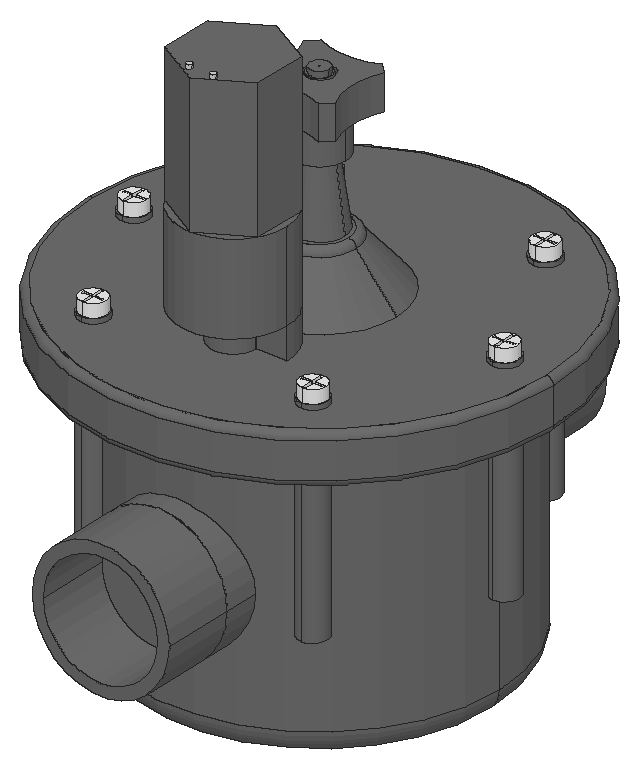
Revit family "Valve - PEB Series - 150PEB", category Acessórios do tubo, Revit 2020
Family settings
  Cota do conector redondo = Utilizar diâmetro
  Tipo de parte = Normal
  Número OmniClass = 23.60.30.11.14
  Título OmniClass = Pipework Fittings
  Com base no plano de trabalho = Não
  Sempre na vertical = Sim
  Corte com vazios quando carregada = Não
  Compartilhado = Não
Parameters (values of type "150PEB-R")
  a [instance] = 1.27 cm
  URL = "https://www.rainbird.com/"
  SupportProjetos: Reviw Date = "10/11/2020"  # constant formula
  SupportProjetos: Reviw = "R01"  # constant formula
  SupportProjetos: Level of Detail = "LOD300"  # constant formula
  SupportProjetos: Developed = "MICHEL SOARES MOTA"  # constant formula
  SupportProjetos: Creation Date = "27/08/2020"  # constant formula
  RainBird: Product Link = "https://www.rainbird.com/"
  RainBird: Description = "Valves - PEB Series - 150PEB-R"
  RainBird: Comment = ""
  RainBird: Code = "B34083"  # constant formula
  RN [instance] = DN / 2  # 1.905 cm
  Modelo = "150PEB-R"
  Material Parafuso = Aço cromado
  Material = PVC-U
  Elevação padrão = 0 cm
  Diametro corpo [instance] = 6 cm
  Diametro Tubo = 3.81 cm
  Det1 [instance] = 2 cm
  Descrição = RainBird: Description  # "Valves - PEB Series - 150PEB-R"
  DN [instance] = 3.81 cm
  Caminho croqui = 11.2 cm
  Anotação Válvula = yes
Types (4, lengths in cm): name | RainBird: Description | Modelo | Descrição
  (no name) | "Valves - PEB Series - 150PEB-R" | "150PEB-R" | "Valves - PEB Series - 150PEB-R"
  150PEB | "Valves - PEB Series - 150PEB" | "150PEB" | "Valves - PEB Series - 150PEB"
  150PESB | "Valves - PEB Series - 150PESB" | "150PESB" | "Valves - PEB Series - 150PESB"
  150PEB-R | "Valves - PEB Series - 150PEB-R" | "150PEB-R" | "Valves - PEB Series - 150PEB-R"
Reference planes (cm)
  plane 1 "Centro (Frente/Trás)": y = 0
  plane 2: z = 0
  plane 3 "Centro (Esquerda/Direita)": x = 0
Forms (cm)
  Sweep 1, solid, material "PVC-U" <- "Material"
    path origin (0, 0, 0) x (1, 0, 0) y (0, 1, 0)
      loop
        circle (0, 0) r 3
    profile origin (0, 3, 0) x (0, -1, 0) y (0, 0, 1)
      loop
        arc (-3.3167, 4.98) -> (-3.4581, 4.9214) -> (-3.5167, 4.78) r 0.2
        line (-3.5167, 4.78) -> (-3.5167, 3.7881)
        arc (-3.5167, 3.7881) -> (-3.4659, 3.6654) -> (-3.3431, 3.6146) r 0.1736
        line (-3.3431, 3.6146) -> (-2.0167, 3.6146) -> (-2.0167, -3.3151)
        arc (-2.0167, -3.3151) -> (-1.8102, -3.8135) -> (-1.3118, -4.02) r 0.7049
        line (-1.3118, -4.02) -> (2.9833, -4.02) -> (2.9833, 10.48) -> (2.7355, 10.48) -> (2.7355, 8.48) -> (2.5811, 8.48) -> (2.3, 6.48) -> (2.1864, 6.48)
        arc (2.1864, 6.48) -> (2.0425, 6.4204) -> (1.9829, 6.2765) r 0.2035
        line (1.9829, 6.2765) -> (0.8559, 4.98) -> (-3.3167, 4.98)
  Extrusion 2, solid, material "PVC-U" <- "Material"
    sketch origin (0, 0, 0) x (0, 1, 0) y (-1, 0, 0)
      loop
        circle (0, -5.1645) r 0.4
      loop
        circle (-4.0487, -3.0594) r 0.4
      loop
        circle (4.0487, -3.0594) r 0.4
      loop
        circle (0, 5.1645) r 0.4
      loop
        circle (-4.0487, 3.0594) r 0.4
      loop
        circle (4.0487, 3.0594) r 0.4
    from -0.8456 to 5.0941
  Extrusion 3, solid, material "Aço cromado" <- "Material Parafuso"
    sketch origin (0, 0, 0) x (0, 1, 0) y (-1, 0, 0)
      loop
        circle (0, -5.1645) r 0.3541
      loop
        line (-0.0439, -5.207) -> (-0.0439, -5.4485) -> (0.0343, -5.4485) -> (0.0343, -5.207) -> (0.292, -5.207) -> (0.292, -5.123) -> (0.0343, -5.123) -> (0.0343, -4.8619) -> (-0.0439, -4.8619) -> (-0.0439, -5.123) -> (-0.3045, -5.123) -> (-0.3045, -5.207) -> (-0.0439, -5.207)
      loop
        circle (-4.0487, -3.0594) r 0.3541
      loop
        line (-4.0048, -3.1018) -> (-3.7442, -3.1018) -> (-3.7442, -3.0178) -> (-4.0048, -3.0178) -> (-4.0048, -2.7567) -> (-4.083, -2.7567) -> (-4.083, -3.0178) -> (-4.3408, -3.0178) -> (-4.3408, -3.1018) -> (-4.083, -3.1018) -> (-4.083, -3.3433) -> (-4.0048, -3.3433) -> (-4.0048, -3.1018)
      loop
        circle (4.0487, -3.0594) r 0.3541
      loop
        line (4.0048, -3.1018) -> (4.0048, -3.3433) -> (4.083, -3.3433) -> (4.083, -3.1018) -> (4.3408, -3.1018) -> (4.3408, -3.0178) -> (4.083, -3.0178) -> (4.083, -2.7567) -> (4.0048, -2.7567) -> (4.0048, -3.0178) -> (3.7442, -3.0178) -> (3.7442, -3.1018) -> (4.0048, -3.1018)
      loop
        circle (0, 5.1645) r 0.3541
      loop
        line (-0.0439, 5.207) -> (-0.3045, 5.207) -> (-0.3045, 5.123) -> (-0.0439, 5.123) -> (-0.0439, 4.8619) -> (0.0343, 4.8619) -> (0.0343, 5.123) -> (0.292, 5.123) -> (0.292, 5.207) -> (0.0343, 5.207) -> (0.0343, 5.4485) -> (-0.0439, 5.4485) -> (-0.0439, 5.207)
      loop
        circle (-4.0487, 3.0594) r 0.3541
      loop
        line (-4.0048, 3.1018) -> (-4.0048, 3.3433) -> (-4.083, 3.3433) -> (-4.083, 3.1018) -> (-4.3408, 3.1018) -> (-4.3408, 3.0178) -> (-4.083, 3.0178) -> (-4.083, 2.7567) -> (-4.0048, 2.7567) -> (-4.0048, 3.0178) -> (-3.7442, 3.0178) -> (-3.7442, 3.1018) -> (-4.0048, 3.1018)
      loop
        circle (4.0487, 3.0594) r 0.3541
      loop
        line (4.0048, 3.1018) -> (3.7442, 3.1018) -> (3.7442, 3.0178) -> (4.0048, 3.0178) -> (4.0048, 2.7567) -> (4.083, 2.7567) -> (4.083, 3.0178) -> (4.3408, 3.0178) -> (4.3408, 3.1018) -> (4.083, 3.1018) -> (4.083, 3.3433) -> (4.0048, 3.3433) -> (4.0048, 3.1018)
    from 5.0941 to 5.4447
  Sweep 4, solid, material "PVC-U" <- "Material"
    path origin (0, 0, 0) x (1, 0, 0) y (0, 1, 0)
      loop
        line (0, -5.6) -> (0, 5.6)
    profile origin (0, 0, 0) x (-1, 0, 0) y (0, 0, 1)
      loop
        circle (0, 0) r 1.905
  Sweep 5, solid, material "PVC-U" <- "Material"
    path origin (0, 0, 0) x (1, 0, 0) y (0, 1, 0)
      loop
        line (0, 5.6) -> (0, 7.6)
    profile origin (0, 6.6, 0) x (-1, 0, 0) y (0, 0, 1)
      loop
        circle (0, 0) r 1.5878
      loop
        circle (0, 0) r 1.905
  Sweep 6, solid, material "PVC-U" <- "Material"
    path origin (0, 0, 0) x (1, 0, 0) y (0, 1, 0)
      loop
        line (0, -5.6) -> (0, -7.6)
    profile origin (0, -6.6, 0) x (1, 0, 0) y (0, 0, 1)
      loop
        circle (0, 0) r 1.5878
      loop
        circle (0, 0) r 1.905
  Extrusion 7, solid, material "PVC-U" <- "Material"
    sketch origin (0, 0, 0) x (1, 0, 0) y (0, 1, 0)
      loop
        circle (-1.2684, 1.1319) r 0.5
    from 4.73 to 7.1863
  Extrusion 8, solid, material "PVC-U" <- "Material"
    sketch origin (0, 0, 0) x (1, 0, 0) y (0, 1, 0)
      loop
        circle (-1.2684, 1.1319) r 0.35
    from 7.1863 to 8.23
  Extrusion 9, solid, material "PVC-U" <- "Material"
    sketch origin (0, 0, 0) x (1, 0, 0) y (0, 1, 0)
      loop
        circle (-1.2684, 1.1319) r 0.1348
      loop
        line (-1.5709, 1.5211) -> (-1.6659, 1.4261)
        arc (-1.6659, 1.4261) -> (-1.5973, 1.1326) -> (-1.6637, 0.8386) r 0.673
        line (-1.6637, 0.8386) -> (-1.5688, 0.7436)
        arc (-1.5688, 0.7436) -> (-1.2712, 0.8132) -> (-0.9736, 0.7436) r 0.6718
        line (-0.9736, 0.7436) -> (-0.8778, 0.8394)
        arc (-0.8778, 0.8394) -> (-0.9436, 1.1315) -> (-0.8786, 1.4239) r 0.686
        line (-0.8786, 1.4239) -> (-0.9762, 1.5215)
        arc (-0.9762, 1.5215) -> (-1.2735, 1.4534) -> (-1.5709, 1.5211) r 0.6846
    from 8.23 to 8.509
  Extrusion 10, solid, material "PVC-U" <- "Material"
    sketch origin (1.2875, -1.1319, 0) x (1, 0, 0) y (0, 1, 0)
      loop
        circle (-1.2684, 1.1319) r 0.3851
      loop
        line (-2.1324, 2.2437) -> (-2.4038, 1.9724)
        arc (-2.4038, 1.9724) -> (-2.2079, 1.134) -> (-2.3976, 0.2941) r 1.9225
        line (-2.3976, 0.2941) -> (-2.1264, 0.0229)
        arc (-2.1264, 0.0229) -> (-1.2763, 0.2215) -> (-0.4262, 0.0229) r 1.9189
        line (-0.4262, 0.0229) -> (-0.1528, 0.2963)
        arc (-0.1528, 0.2963) -> (-0.3407, 1.131) -> (-0.1551, 1.9661) r 1.9594
        line (-0.1551, 1.9661) -> (-0.4338, 2.2448)
        arc (-0.4338, 2.2448) -> (-1.283, 2.0502) -> (-2.1324, 2.2437) r 1.9556
      loop
        arc (-1.3071, 1.4648) -> (-1.6036, 1.1319) -> (-1.3071, 0.799) r 0.3351
        line (-1.3071, 0.799) -> (-1.3071, 1.4648)
      loop
        line (-1.2684, 1.467) -> (-1.2684, 0.7967)
        arc (-1.2684, 0.7967) -> (-0.9581, 1.1319) -> (-1.2684, 1.467) r 0.3361
    from 9.3751 to 10.3365
  Extrusion 11, solid, material "PVC-U" <- "Material"
    sketch origin (0, 0, 0) x (1, 0, 0) y (0, 1, 0)
      loop
        circle (0, 0) r 0.7379
    from 8.3753 to 9.3751
  Extrusion 12, solid, material "PVC-U" <- "Material"
    sketch origin (0, 0, 0) x (1, 0, 0) y (0, 1, 0)
      loop
        circle (0, -3) r 0.6406
    from 1.7812 to 5.8349
  Extrusion 13, solid, material "PVC-U" <- "Material"
    sketch origin (0, 0, 0) x (1, 0, 0) y (0, 1, 0)
      loop
        circle (0, -3) r 1.5
    from 5.8349 to 8.3126
  Extrusion 14, solid, material "PVC-U" <- "Material"
    sketch origin (0, 0, 0) x (1, 0, 0) y (0, 1, 0)
      loop
        line (0, -4.5) -> (1.299, -3.75) -> (1.299, -2.25) -> (0, -1.5) -> (-1.299, -2.25) -> (-1.299, -3.75) -> (0, -4.5)
    from 8.3126 to 12.15
  Extrusion 15, solid, material "PVC-U" <- "Material"
    sketch origin (0, 0, 0) x (1, 0, 0) y (0, 1, 0)
      loop
        arc (1.5, -3) -> (0, -1.5) -> (-1.5, -3) r 1.5
        line (-1.5, -3) -> (1.5, -3)
    from 1.7812 to 5.8349
  Extrusion 16, solid
    sketch origin (0, 0, 0) x (1, 0, 0) y (0, 1, 0)
      loop
        circle (-0.329, -4.1208) r 0.0806
      loop
        circle (0.3553, -4.1386) r 0.0824
    from 12.15 to 12.2333
Cuts and joins
  joined: Extrusion 13, Extrusion 14, Extrusion 15
Dimensions and locks (cm)
  "Caminho croqui": Sweep 4 sketch curve to Sweep 4 sketch curve
  equal spacing: Sweep 4 sketch curve, plane 1 "Centro (Frente/Trás)", Sweep 4 sketch curve
  "Det1": Sweep 5 sketch curve to Sweep 5 sketch curve
  "Det1": Sweep 6 sketch curve to Sweep 6 sketch curve
  locked: plane 1 "Centro (Frente/Trás)" to Sweep 1 sketch curve at 0.0167
  Sweep 1 sketch curve to Sweep 1 sketch curve = 6.5 cm
  "Diametro corpo": diameter of Sweep 1 sketch curve
  "Diametro Tubo": diameter of Sweep 4 sketch curve
  aligned and locked: level to plane 2
  aligned and locked: Sweep 4 to Sweep 5 sketch curve
  aligned and locked: Sweep 5 sketch curve to Sweep 4  (x2)
  aligned and locked: Sweep 4 to Sweep 6 sketch curve
  aligned and locked: Sweep 6 sketch curve to Sweep 5  (x4)
  aligned and locked: Extrusion 9 to Extrusion 8
  aligned and locked: Extrusion 10 to Extrusion 11
  aligned and locked: Extrusion 13 to Extrusion 12
  aligned and locked: Extrusion 14 to Extrusion 13
  aligned and locked: Extrusion 15 sketch curve to Extrusion 13
  aligned and locked: Extrusion 15 to Extrusion 12  (x2)
  aligned and locked: Extrusion 16 to cut or joined group of Extrusion 13, Extrusion 14, Extrusion 15
  aligned and locked: Extrusion 2 to Extrusion 3
Automatic sketch dimensions
  Sweep 5 sketch curve to Sweep 5 sketch curve = 0 cm  (x2)
  Extrusion 7 sketch curve to plane 3 "Centro (Esquerda/Direita)" = 1.2684 cm
  Extrusion 7 sketch curve to plane 1 "Centro (Frente/Trás)" = 1.1319 cm
  Extrusion 8 sketch curve to plane 3 "Centro (Esquerda/Direita)" = 1.2684 cm
  Extrusion 8 sketch curve to plane 1 "Centro (Frente/Trás)" = 1.1319 cm
  Extrusion 9 sketch curve to plane 1 "Centro (Frente/Trás)" = 1.1301 cm
  Extrusion 9 sketch curve to plane 3 "Centro (Esquerda/Direita)" = 2.2704 cm
  Extrusion 9 sketch curve to Extrusion 9 sketch curve = 0.6045 cm
  Extrusion 9 sketch curve to plane 1 "Centro (Frente/Trás)" = 0.8386 cm
  Extrusion 9 sketch curve to Extrusion 9 sketch curve = 0.0022 cm
  Extrusion 9 sketch curve to Extrusion 9 sketch curve = 0.095 cm  (x3)
  Extrusion 9 sketch curve to plane 1 "Centro (Frente/Trás)" = 0.7436 cm  (x2)
  Extrusion 9 sketch curve to Extrusion 9 sketch curve = 0.2969 cm
  Extrusion 9 sketch curve to plane 1 "Centro (Frente/Trás)" = 0.1414 cm
  Extrusion 9 sketch curve to Extrusion 9 sketch curve = 0.2976 cm
  Extrusion 9 sketch curve to Extrusion 9 sketch curve = 0.3004 cm
  Extrusion 9 sketch curve to Extrusion 9 sketch curve = 0.2922 cm
  Extrusion 9 sketch curve to Extrusion 9 sketch curve = 0.0976 cm  (x2)
  Extrusion 9 sketch curve to Extrusion 9 sketch curve = 0.0957 cm  (x2)
  Extrusion 9 sketch curve to plane 3 "Centro (Esquerda/Direita)" = 0.2577 cm
  Extrusion 9 sketch curve to Extrusion 9 sketch curve = 0.3882 cm
  Extrusion 9 sketch curve to Extrusion 9 sketch curve = 0.2931 cm
  Extrusion 10 sketch curve to Extrusion 10 sketch curve = 0 cm  (x2)
  Extrusion 10 sketch curve to Extrusion 10 sketch curve = 0.0258 cm  (x2)
  plane 1 "Centro (Frente/Trás)" to Extrusion 10 sketch curve = 0 cm
  plane 3 "Centro (Esquerda/Direita)" to Extrusion 10 sketch curve = 0.019 cm  (x2)
  plane 3 "Centro (Esquerda/Direita)" to Extrusion 10 sketch curve = 0.0112 cm
  plane 3 "Centro (Esquerda/Direita)" to Extrusion 10 sketch curve = 0.0032 cm
  Extrusion 10 sketch curve to plane 3 "Centro (Esquerda/Direita)" = 0.0197 cm
  Extrusion 10 sketch curve to plane 3 "Centro (Esquerda/Direita)" = 0.8389 cm
  Extrusion 10 sketch curve to plane 3 "Centro (Esquerda/Direita)" = 0.8449 cm
  Extrusion 10 sketch curve to Extrusion 10 sketch curve = 0.2712 cm
  Extrusion 10 sketch curve to Extrusion 10 sketch curve = 0.2714 cm
  plane 1 "Centro (Frente/Trás)" to Extrusion 10 sketch curve = 0.005 cm
  Extrusion 10 sketch curve to Extrusion 10 sketch curve = 1.7328 cm
  plane 3 "Centro (Esquerda/Direita)" to Extrusion 10 sketch curve = 0.8537 cm
  plane 3 "Centro (Esquerda/Direita)" to Extrusion 10 sketch curve = 0.8613 cm
  Extrusion 10 sketch curve to Extrusion 10 sketch curve = 0.2787 cm  (x2)
  Extrusion 10 sketch curve to Extrusion 10 sketch curve = 0.2734 cm  (x2)
  Extrusion 10 sketch curve to plane 1 "Centro (Frente/Trás)" = 0.0018 cm
  Extrusion 10 sketch curve to Extrusion 10 sketch curve = 1.7715 cm
  plane 1 "Centro (Frente/Trás)" to Extrusion 10 sketch curve = 0.3351 cm
  Extrusion 10 sketch curve to Extrusion 10 sketch curve = 0.0022 cm
  plane 1 "Centro (Frente/Trás)" to Extrusion 10 sketch curve = 0.8355 cm
  plane 1 "Centro (Frente/Trás)" to Extrusion 10 sketch curve = 0.8377 cm
  Extrusion 10 sketch curve to Extrusion 10 sketch curve = 1.7203 cm
  Extrusion 10 sketch curve to Extrusion 10 sketch curve = 0.2713 cm
  plane 1 "Centro (Frente/Trás)" to Extrusion 11 sketch curve = 0 cm
  Extrusion 11 sketch curve to plane 3 "Centro (Esquerda/Direita)" = 0 cm
  Extrusion 12 sketch curve to plane 3 "Centro (Esquerda/Direita)" = 0 cm
  plane 1 "Centro (Frente/Trás)" to Extrusion 12 sketch curve = 3 cm
  Extrusion 13 sketch curve to plane 3 "Centro (Esquerda/Direita)" = 0 cm
  plane 1 "Centro (Frente/Trás)" to Extrusion 13 sketch curve = 3 cm
  Extrusion 16 sketch curve to plane 3 "Centro (Esquerda/Direita)" = 0.329 cm
  Extrusion 16 sketch curve to Extrusion 16 sketch curve = 0.6843 cm
  plane 1 "Centro (Frente/Trás)" to Extrusion 16 sketch curve = 4.1208 cm
  Extrusion 16 sketch curve to Extrusion 16 sketch curve = 0.0178 cm
  Sweep 1 sketch curve to Sweep 1 sketch curve = 0.1736 cm
  Sweep 1 sketch curve to Sweep 1 sketch curve = 0.2 cm
  Sweep 1 sketch curve to Sweep 1 sketch curve = 1.3264 cm
  Sweep 1 sketch curve to Sweep 1 sketch curve = 0.7049 cm
  Sweep 1 sketch curve to profile plane = 0.8559 cm
  Sweep 1 sketch curve to Sweep 1 sketch curve = 1.127 cm
  Sweep 1 sketch curve to Sweep 1 sketch curve = 0.2035 cm
  Sweep 1 sketch curve to Sweep 1 sketch curve = 0.1136 cm
  Sweep 1 sketch curve to Sweep 1 sketch curve = 0.2811 cm
  Sweep 1 sketch curve to Sweep 1 sketch curve = 0.2478 cm
  Sweep 1 sketch curve to level = 4.02 cm
  level to Sweep 1 sketch curve = 3.6146 cm
  Sweep 1 sketch curve to Sweep 1 sketch curve = 0.9919 cm
  Sweep 1 sketch curve to Sweep 1 sketch curve = 1.2965 cm
  Sweep 1 sketch curve to Sweep 1 sketch curve = 2 cm  (x2)
  plane 1 "Centro (Frente/Trás)" to Extrusion 3 sketch curve = 0 cm  (x2)
  plane 1 "Centro (Frente/Trás)" to Extrusion 3 sketch curve = 0.0439 cm  (x4)
  Extrusion 3 sketch curve to Extrusion 3 sketch curve = 0.2606 cm  (x6)
  plane 1 "Centro (Frente/Trás)" to Extrusion 3 sketch curve = 3.7442 cm  (x2)
  Extrusion 3 sketch curve to Extrusion 3 sketch curve = 0 cm  (x10)
  Extrusion 3 sketch curve to Extrusion 3 sketch curve = 0.0439 cm  (x4)
  Extrusion 3 sketch curve to Extrusion 3 sketch curve = 0.0782 cm  (x6)
  Extrusion 3 sketch curve to Extrusion 3 sketch curve = 0.0343 cm  (x2)
  Extrusion 3 sketch curve to Extrusion 3 sketch curve = 0.2577 cm  (x6)
  Extrusion 3 sketch curve to plane 1 "Centro (Frente/Trás)" = 0.0343 cm  (x4)
  Extrusion 3 sketch curve to plane 1 "Centro (Frente/Trás)" = 3.7442 cm  (x2)
  plane 3 "Centro (Esquerda/Direita)" to Extrusion 3 sketch curve = 5.4485 cm
  Extrusion 3 sketch curve to Extrusion 3 sketch curve = 0.2415 cm  (x6)
  Extrusion 3 sketch curve to Extrusion 3 sketch curve = 0.0425 cm  (x7)
  Extrusion 3 sketch curve to Extrusion 3 sketch curve = 0.0415 cm  (x4)
  Extrusion 3 sketch curve to Extrusion 3 sketch curve = 0.084 cm  (x7)
  Extrusion 3 sketch curve to Extrusion 3 sketch curve = 0.2612 cm  (x6)
  plane 3 "Centro (Esquerda/Direita)" to Extrusion 3 sketch curve = 3.3433 cm  (x2)
  Extrusion 3 sketch curve to plane 3 "Centro (Esquerda/Direita)" = 2.7567 cm  (x2)
  Extrusion 3 sketch curve to Extrusion 3 sketch curve = 1.76 cm
  plane 1 "Centro (Frente/Trás)" to Extrusion 2 sketch curve = 0 cm  (x2)
  plane 1 "Centro (Frente/Trás)" to Extrusion 2 sketch curve = 4.0487 cm  (x2)
  Extrusion 2 sketch curve to plane 1 "Centro (Frente/Trás)" = 4.0487 cm  (x2)
  plane 3 "Centro (Esquerda/Direita)" to Extrusion 2 sketch curve = 5.1645 cm
  plane 3 "Centro (Esquerda/Direita)" to Extrusion 2 sketch curve = 3.0594 cm  (x2)
  Extrusion 2 sketch curve to plane 3 "Centro (Esquerda/Direita)" = 3.0594 cm  (x2)
  Extrusion 2 sketch curve to Extrusion 2 sketch curve = 2.1052 cm
  plane 1 "Centro (Frente/Trás)" to Sweep 1 sketch curve = 0 cm
  Sweep 1 sketch curve to plane 3 "Centro (Esquerda/Direita)" = 0 cm
  Sweep 4 sketch curve to plane 3 "Centro (Esquerda/Direita)" = 0 cm
  Sweep 4 sketch curve to level = 0 cm
  Sweep 4 sketch curve to profile plane = 0 cm
  Sweep 5 sketch curve to plane 3 "Centro (Esquerda/Direita)" = 0 cm
  Sweep 6 sketch curve to plane 3 "Centro (Esquerda/Direita)" = 0 cm
  radius of Sweep 5 sketch curve = 1.5878 cm
  radius of Extrusion 7 sketch curve = 0.5 cm
  radius of Extrusion 8 sketch curve = 0.35 cm
  radius of Extrusion 9 sketch curve = 0.1348 cm
  radius of Extrusion 10 sketch curve = 0.3851 cm
  radius of Extrusion 11 sketch curve = 0.7379 cm
  radius of Extrusion 12 sketch curve = 0.6406 cm
  radius of Extrusion 13 sketch curve = 1.5 cm
  radius of Extrusion 16 sketch curve = 0.0806 cm
  radius of Extrusion 16 sketch curve = 0.0824 cm
  radius of Extrusion 3 sketch curve = 0.3541 cm  (x6)
  radius of Extrusion 2 sketch curve = 0.4 cm  (x6)
Connectors (cm)
  electrical at (0.3553, -4.1386, 12.2333)
    settings: on Extrusion 16, index 3, voltage 600 V, apparent load 0 VA, apparent load phase1 0 VA, apparent load phase2 0 VA, apparent load phase3 0 VA, power factor 1, load classification "Outro", number of poles 1, system type 30, power factor state 1, is connector primary yes, connector utility no, sub classification motor no, connector description ""
  electrical at (-0.329, -4.1208, 12.2333)
    settings: on Extrusion 16, index 4, voltage 600 V, apparent load 0 VA, apparent load phase1 0 VA, apparent load phase2 0 VA, apparent load phase3 0 VA, power factor 1, load classification "Outro", number of poles 1, system type 30, power factor state 1, is connector primary no, connector utility no, sub classification motor no, connector description ""
  piping at (0, 7.6, 0), diameter 3.81, driven by "DN"
    settings: on Sweep 5, index 5, connector inside diameter 609.6 mm, connector length 0 cm, flow factor 0, pipe flow 0.0 L/s, pressure drop 0.0 Pa, fitting loss kfactor 0, connector angle 0.00°, fixture units 0, engagement length 0 cm, angle of deflection 0.00°, flow configuration 0, flow direction 0, fitting loss method 0, system type 20, joint type 0, gender type 0, connector reference index 6, connector utility 0, adjustable connector no, is connector primary yes, connector description ""
  piping at (0, -7.6, 0), diameter 3.81, driven by "DN"
    settings: on Sweep 6, index 6, connector inside diameter 609.6 mm, connector length 0 cm, flow factor 0, pipe flow 0.0 L/s, pressure drop 0.0 Pa, fitting loss kfactor 0, connector angle 0.00°, fixture units 0, engagement length 0 cm, angle of deflection 0.00°, flow configuration 0, flow direction 0, fitting loss method 0, system type 20, joint type 0, gender type 0, connector reference index 5, connector utility 0, adjustable connector no, is connector primary no, connector description ""
